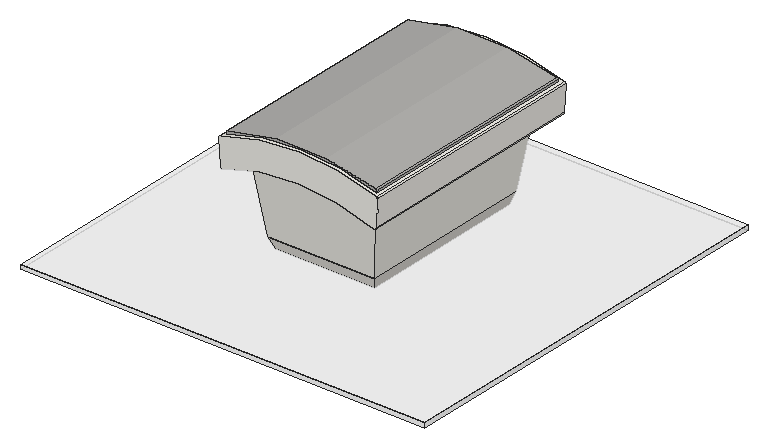
Revit family "BS-1015BSB", category Communication Devices, host Face, Revit 2016
Family settings
  Host = Face
  Maintain Annotation Orientation = No
  Part Type = Normal
  Round Connector Dimension = Use Diameter
  OmniClass Number = 23.85.10.11.14
  OmniClass Title = Audio Equipment
  Cut with Voids When Loaded = Yes
  Shared = No
  Room Calculation Point = No
Parameters (values of type "BS-1015BSW")
  Weight = "2.4kg (5.29 lb) (without bracket)"
  URL = "http://toa.com.sg"
  Enclosure Type = "2-way bass-reflex system"
  Connection = "Screw connector (steatite terminal) can be bridge connection"
  Speaker Mounting Method = "Wall-mount"
  Sensitivity = "90dB (1W, 1m) (500Hz – 5kHz, pink noise)\r\n87dB (1W, 1m) (100Hz – 10kHz, pink noise)\r\n75dB (1W, 4m) (100Hz – 10kHz, pink noise)"
  Rated Noise Power = "15W (100V line), 7.5W (70V line)"
  Model Type = "COMPACT SPEAKER"
  Rated Impedance = "100V line: 670Ω (15W), 1kΩ (10W), 2kΩ (5W)\r\n70V line: 670Ω (7.5W), 1kΩ (5W), 2kΩ (2.5W)"
  Operating Temperature Range = "–10°C to +50°C (14°F to 122°F)"
  Model By = "BIMLIFE PTE LTD"  # constant formula
  Model = "BS-1015BSW"
  Mesh = White Mesh
  Maximum Sound Pressure Level = "98dB (15W, 1m) (100Hz – 10kHz, pink noise)\r\n86dB (15W, 4m) (100Hz – 10kHz, pink noise)"
  Manufacturer = "TOA Electronics Pte Ltd"  # constant formula
  Supplier Tel = "+65 6835 9119"  # constant formula
  Supplier Fax = "+65 6835 9559"  # constant formula
  Supplier Address = "491B River Valley Road, #19-03/04 Valley Point Office Tower, Singapore 248373"  # constant formula
  Supplier = "TOA Electronics Pte Ltd"  # constant formula
  Suppiler Email = "http://toa.com.sg"  # constant formula
  Material = OFF-WHITE
  Frequency Response = "80Hz – 20kHz"
  Finish = "Enclosure: ABS resin, white (RAL 9010 or equivalent color), paint\r\nGrille: Surface-treated steel plate net, white (RAL 9010 or equivalent color), powder coating\r\nBracket: Surface treated Steel plate, white (RAL 9010 or equivalent colour), powder coating"
  Speaker Component = "Low frequency: 12cm (5\") cone-type\r\nHigh frequency: 2.5cm (1\") balanced dome tweeter"
  Environmental Type = "A (indoor applications)"
  Dimension = "196 (W) × 290 (H) × 186 (D) mm (7.72\" × 11.42\" × 7.32\") (without bracket)"
  Default Elevation = 0 mm
  Coverage Angle = "Horizontal: 220° (500Hz), 150° (1kHz), 120° (2kHz), 90° (4kHz)\r\nVertical: 330° (500Hz), 160° (1kHz), 120° (2kHz), 70° (4kHz)"
  Copyright To = "TOA Electronics Pte Ltd"  # constant formula
  Cable Gland = "Size: PG 13.5\r\nOne cable gland is factory-installed.\r\nFor bridge connection, one supplied cable gland can be added*"
  Applicable Cable = "Outer diameter: ø6.6 – ø12.5mm\r\nConductor: Solid wire or 7-core wire\r\nNo bridge connection: 0.8 – 10mm2 (AWG 18 – AWG 7) for solid wire\r\n0.8 – 8mm2 (AWG 18 – AWG 8) for 7-core wire\r\nBridge connection: 0.8 – 2.5mm2 (AWG 18 – AWG 13) for solid wire\r\n0.8 – 1.5mm2 (AWG 18 – AWG 15) for 7-core wire"
  Accessory = "Bracket × 1, Speaker mounting screw × 2, Rear cover × 1"
Types (2, lengths in mm): name | Rated Impedance | Model | Mesh | Material | Finish
  BS-1015BSB | "100V line: 670Ω (15W), 1kΩ (10W), 2kΩ (5W)\r\n70V line: 670Ω (7.5W), 1kΩ (5W), 2kΩ (2.5W)" | "BS-1015BSB" | Black Mesh | Black | "Enclosure: ABS resin, black (RAL 9011 or equivalent color), paint\r\nGrille: Surface-treated steel plate net, black (RAL 9011 or equivalent color), powder coating\r\nBracket: Surface treated steel plate, black (RAL 9011 or equivalent colour), powder coating"
  BS-1015BSW | "100V line: 670Ω (15W), 1kΩ (10W), 2kΩ (5W)\r\n70V line: 670Ω (7.5W), 1kΩ (5W), 2kΩ (2.5W)" | "BS-1015BSW" | White Mesh | OFF-WHITE | "Enclosure: ABS resin, white (RAL 9010 or equivalent color), paint\r\nGrille: Surface-treated steel plate net, white (RAL 9010 or equivalent color), powder coating\r\nBracket: Surface treated Steel plate, white (RAL 9010 or equivalent colour), powder coating"
Reference planes
  plane 1 "Center (Front/Back)": y = 0
  plane 2: z = 0
  plane 3 "Center (Left/Right)": x = 0
Forms (mm)
  Extrusion 1, solid, material "Surface"
    sketch origin (1.238, -13.929, 0) x (1, 0, 0) y (0, 1, 0)
      loop
        line (-250, 250) -> (-250, -250) -> (250, -250) -> (250, 250) -> (-250, 250)
    from 0 to -6.497
  Extrusion 2, solid, material "OFF-WHITE" <- "Material"
    sketch origin (-434.898, -145, 448.137) x (1, 0, 0) y (0, 0, -1)
      loop
        arc (336.868, 306.287) -> (337.242, 305.06) -> (338.254, 304.288) r 2
        arc (338.254, 304.288) -> (434.898, 288.294) -> (531.543, 304.288) r 300
        arc (531.543, 304.288) -> (532.554, 305.06) -> (532.929, 306.287) r 2
        line (532.929, 306.287) -> (531.234, 338.621)
        arc (531.234, 338.621) -> (530.331, 340.19) -> (528.529, 340.387) r 2
        arc (528.529, 340.387) -> (434.898, 323.294) -> (341.266, 340.387) r 265
        arc (341.266, 340.387) -> (339.466, 340.19) -> (338.562, 338.621) r 2
        line (338.562, 338.621) -> (336.868, 306.287)
    from 0 to 290
  Blend 3, solid, material "OFF-WHITE" <- "Material"
    base sketch origin (-77.501, -145, 113.257) x (0, -1, 0) y (1, 0, 0)
      loop
        line (-266.785, 0) -> (-23.215, 0) -> (-23.215, 155) -> (-266.785, 155) -> (-266.785, 0)
    top sketch origin (-77.501, -145, 113.257) x (0, -1, 0) y (1, 0, 0)
      loop
        line (-253.807, 10.914) -> (-36.165, 10.914) -> (-36.165, 143.517) -> (-253.807, 143.517) -> (-253.807, 10.914)
    from 0 to -86.4
  Blend 4, solid, material "OFF-WHITE" <- "Material"
    base sketch origin (-77.501, -145, 26.857) x (1, 0, 0) y (0, 1, 0)
      loop
        line (143.517, 36.165) -> (143.517, 253.807) -> (10.914, 253.807) -> (10.914, 36.165) -> (143.517, 36.165)
    top sketch origin (-77.501, -145, 26.857) x (0, -1, 0) y (1, 0, 0)
      loop
        line (-41.165, 15.914) -> (-41.165, 138.517) -> (-248.807, 138.517) -> (-248.807, 15.914) -> (-41.165, 15.914)
    from 0 to -14
  Extrusion 5, solid, material "OFF-WHITE" <- "Material"
    sketch origin (-433.661, -145, 462.066) x (1, 0, 0) y (0, 0, -1)
      loop
        arc (356.161, 348.809) -> (433.661, 337.223) -> (511.161, 348.809) r 265
        line (511.161, 348.809) -> (356.161, 348.809)
    from 23.215 to 266.785
  Extrusion 6, solid, material "White Mesh" <- "Mesh"
    sketch origin (-434.898, -145, 456.691) x (1, 0, 0) y (0, 0, -1)
      loop
        arc (343.097, 308.089) -> (434.898, 293.848) -> (526.7, 308.089) r 303
        arc (526.7, 308.089) -> (527.709, 308.815) -> (528.094, 309.995) r 2
        line (528.094, 309.995) -> (528.094, 311.691)
        arc (528.094, 311.691) -> (434.898, 296.848) -> (341.702, 311.691) r 300
        line (341.702, 311.691) -> (341.702, 309.995)
        arc (341.702, 309.995) -> (342.088, 308.815) -> (343.097, 308.089) r 2
    from 5 to 285
  Extrusion 7, solid, material "OFF-WHITE" <- "Material", not visible
    sketch origin (0, 0, -21.96) x (1, 0, 0) y (0, 1, 0)
      loop
        arc (336.868, 306.287) -> (337.242, 305.06) -> (338.254, 304.288) r 2
        arc (338.254, 304.288) -> (434.898, 288.294) -> (531.543, 304.288) r 300
        arc (531.543, 304.288) -> (532.554, 305.06) -> (532.929, 306.287) r 2
        line (532.929, 306.287) -> (531.234, 338.621)
        arc (531.234, 338.621) -> (530.331, 340.19) -> (528.529, 340.387) r 2
        arc (528.529, 340.387) -> (434.898, 323.294) -> (341.266, 340.387) r 265
        arc (341.266, 340.387) -> (339.466, 340.19) -> (338.562, 338.621) r 2
        line (338.562, 338.621) -> (336.868, 306.287)
    from 0 to 290
  Blend 8, solid, material "OFF-WHITE" <- "Material", not visible
    base sketch origin (357.398, 334.88, -21.96) x (1, 0, 0) y (0, 0, -1)
      loop
        line (0, -266.785) -> (155, -266.785) -> (155, -23.215) -> (0, -23.215) -> (0, -266.785)
    top sketch origin (357.398, 334.88, -21.96) x (1, 0, 0) y (0, 0, -1)
      loop
        line (10.914, -253.807) -> (143.517, -253.807) -> (143.517, -36.165) -> (10.914, -36.165) -> (10.914, -253.807)
    from 0 to -86.4
  Blend 9, solid, material "OFF-WHITE" <- "Material", not visible
    base sketch origin (357.398, 248.48, -21.96) x (-1, 0, 0) y (0, 0, -1)
      loop
        line (36.165, 143.517) -> (36.165, 10.914) -> (253.807, 10.914) -> (253.807, 143.517) -> (36.165, 143.517)
    top sketch origin (357.398, 248.48, -21.96) x (1, 0, 0) y (0, 0, -1)
      loop
        line (-41.165, 15.914) -> (-41.165, 138.517) -> (-248.807, 138.517) -> (-248.807, 15.914) -> (-41.165, 15.914)
    from 0 to -14
  Extrusion 10, solid, material "OFF-WHITE" <- "Material", not visible
    sketch origin (1.238, -13.929, -21.96) x (1, 0, 0) y (0, 1, 0)
      loop
        arc (356.161, 348.809) -> (433.661, 337.223) -> (511.161, 348.809) r 265
        line (511.161, 348.809) -> (356.161, 348.809)
    from 23.215 to 266.785
  Extrusion 11, solid, material "White Mesh" <- "Mesh", not visible
    sketch origin (0, -8.553, -21.96) x (1, 0, 0) y (0, 1, 0)
      loop
        arc (343.097, 308.089) -> (434.898, 293.848) -> (526.7, 308.089) r 303
        arc (526.7, 308.089) -> (527.709, 308.815) -> (528.094, 309.995) r 2
        line (528.094, 309.995) -> (528.094, 311.691)
        arc (528.094, 311.691) -> (434.898, 296.848) -> (341.702, 311.691) r 300
        line (341.702, 311.691) -> (341.702, 309.995)
        arc (341.702, 309.995) -> (342.088, 308.815) -> (343.097, 308.089) r 2
    from 5 to 285
Cuts and joins
  joined: Blend 3, Extrusion 5
Dimensions and locks
  Extrusion 6 to Extrusion 6 = 186.392 mm
  Extrusion 2 to Extrusion 2 = 290 mm
  Blend 4 to Extrusion 1 = 12.857 mm
  aligned and locked: plane 2 to Extrusion 1
  aligned and locked: level to Extrusion 1
